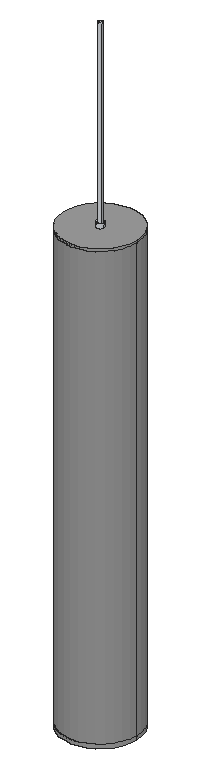
Revit family "Libra_V_14W_4000K_1890LM", category Lighting Fixtures, host Ceiling, Revit 2021
Family settings
  Host = Ceiling
  Round Connector Dimension = Use Diameter
  Part Type = Normal
  OmniClass Number = 23.80.70.11
  OmniClass Title = Luminaries for Internal Lighting
  Always vertical = Yes
  Cut with Voids When Loaded = No
  Light Source = Yes
  Shared = No
  Room Calculation Point = No
Parameters (values of type "Type 1")
  Wattage = 12.7237 W
  built-in parameter 1150110 = 1 (stored number, unit not read)
  Type de lampe = "LED Samsung 2835 - 28W/m"
  Type = "Suspension tubulaire"
  built-in parameter 1114217 = 1 (stored number, unit not read)
  Tilt Angle = 90.00°
  Température = "4000K (disponible en 3000K - sur demande)"
  built-in parameter 1150109 = 1 (stored number, unit not read)
  built-in parameter 1150134 = 12
  built-in parameter 1150113 = 1 (stored number, unit not read)
  SDCM = "<3"
  Puissance nominale = "14W"
  Photometric Web File = "google_eulumdat_converter (11).ies"
  Matériau = "Acrylique et embouts en aluminium"
  Maintien du flux = "L80B10 (50 000 heures)"
  Lumens = 1890 lm
  built-in parameter 1150115 = 1 (stored number, unit not read)
  built-in parameter 1150105 = 150.4 (stored number, unit not read)
  built-in parameter 1150137 = (empty or 0)
  built-in parameter 1150139 = (empty or 0)
  built-in parameter 1150112 = 1 (stored number, unit not read)
  built-in parameter 1150114 = 1 (stored number, unit not read)
  built-in parameter 1150132 = 2
  built-in parameter 1150102 = (empty or 0)
  built-in parameter 1150138 = (empty or 0)
  built-in parameter 1150107 = 4000 (stored number, unit not read)
  built-in parameter 1150106 = 1.504 (stored number, unit not read)
  IRC = ">80"
  Flux lumineux = "1890 lm"
  built-in parameter 1150104 = 13.8 (stored number, unit not read)
  Durée de vie = "50 000 heures"
  Driver = "Driver Osram (déporté 230V/CC) - 350mA"
  Dimming Lamp Color Temperature Shift = <None>
  Dimensions = "ø 100 mm; H : 610 mm"
  Diffuseur = "Satiné mat"
  Default Elevation = 0 mm
  Color Filter = 16777215
  built-in parameter 1114218 = 1 (stored number, unit not read)
  built-in parameter 1150133 = 10 (stored number, unit not read)
  Angle d'éclairage = "360°"
  Alimentation luminaire = "350mA"
  Alimentation Driver = "AC 220-240V"
Reference planes
  plane 1 "Light Source Axis (F/B)": y = 0
  plane 2: z = 0
  plane 3 "Light Source Axis (L/R)": x = 0
  plane 4 "Ceiling": z = 4000
  plane 5 "Light Source Elevation": z = 3443.568
Forms (mm)
  Extrusion 1, solid, material "Glass, White, High Luminance"
    sketch origin (0, 0, 4000) x (0, 1, 0) y (-1, 0, 0)
      loop
        circle (0, 0) r 50
    from -854.779 to -252.881
  Extrusion 2, solid, material "Default"
    sketch origin (0, 0, 4000) x (0, 1, 0) y (-1, 0, 0)
      loop
        circle (0, 0) r 50
    from -860 to -854.779
  Extrusion 3, solid, material "Default"
    sketch origin (0, 0, 4110) x (0, 1, 0) y (-1, 0, 0)
      loop
        circle (0, 0) r 50
    from -362.881 to -360
  Extrusion 4, solid
    sketch origin (0, 0, 4000) x (0, 1, 0) y (-1, 0, 0)
      loop
        circle (0, 0) r 5
    from -250 to -244.876
  Extrusion 5, solid
    sketch origin (0, 0, 4000) x (0, 1, 0) y (-1, 0, 0)
      loop
        circle (0, 0) r 2.457
    from -250 to 0
Lines and regions (mm)
  reference lines
    curve 1: circle (0, 0, 4000) r 50 normal (0, 0, -1)
    curve 2: line (0, 0, 3750) -> (0, 0, 3140)
    curve 3: line (0, 0, 3140) -> (-50, 0, 3140)
Dimensions and locks
  equal spacing: host sketch curve, plane 3 "Light Source Axis (L/R)", host sketch curve
  equal spacing: host sketch curve, plane 1 "Light Source Axis (F/B)", host sketch curve
  host sketch curve to host sketch curve = 4000 mm  (x2)
  plane 4 "Ceiling" to host ceiling = 0 mm
  aligned and locked: plane 1 "Light Source Axis (F/B)" to imposter light
  aligned and locked: plane 5 "Light Source Elevation" to imposter light
